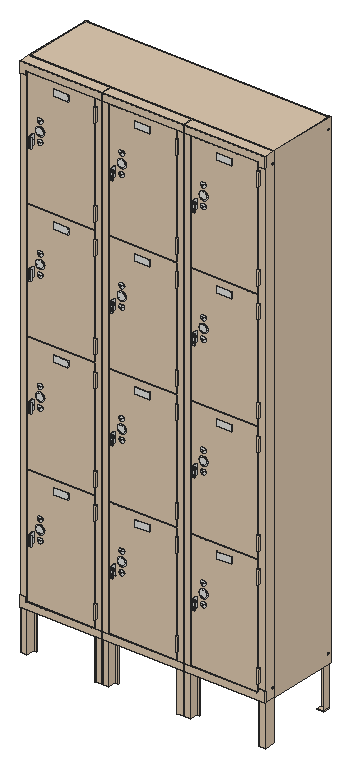
Revit family "Metal_Vented_Lockers-Salsbury_Industries-74000_Series-3_Wide_Units", category Specialty Equipment, Revit 2016 (continued)
Definition of nested family "Vents"
  Lines and regions (in)
    model lines
      curve 40: spline (-0.12232, 0, 57.24111) -> (-0.1046, 0, 57.2704) -> (-0.08525, 0, 57.29498) -> (-0.06455, 0, 57.31444) -> (-0.04284, 0, 57.3285) -> (-0.02044, 0, 57.33694) -> (0.00229, 0, 57.33963) -> (0.02501, 0, 57.33653) -> (0.04737, 0, 57.32768) -> (0.06902, 0, 57.31322) -> (0.08963, 0, 57.29338) -> (0.10888, 0, 57.26845) -> (0.12647, 0, 57.23883)
      curve 41: line (-0.12232, 0, 57.24111) -> (-0.3738, 0, 56.58938)
      curve 42: line (0.12647, 0, 57.23883) -> (0.37669, 0, 56.58865)
      curve 43: spline (-0.12218, 0, 54.20029) -> (-0.10447, 0, 54.17116) -> (-0.08514, 0, 54.14673) -> (-0.06447, 0, 54.12737) -> (-0.04279, 0, 54.11339) -> (-0.02043, 0, 54.10499) -> (0.00227, 0, 54.10232) -> (0.02496, 0, 54.1054) -> (0.04728, 0, 54.11419) -> (0.0689, 0, 54.12855) -> (0.08949, 0, 54.14827) -> (0.10872, 0, 54.17305) -> (0.1263, 0, 54.20249)
      curve 44: line (-0.12218, 0, 54.20029) -> (-0.3738, 0, 54.85238)
      curve 45: line (0.1263, 0, 54.20249) -> (0.37669, 0, 54.85165)
      curve 46: spline (-0.12232, 0, 55.50411) -> (-0.1046, 0, 55.5334) -> (-0.08525, 0, 55.55798) -> (-0.06455, 0, 55.57744) -> (-0.04284, 0, 55.5915) -> (-0.02044, 0, 55.59994) -> (0.00229, 0, 55.60263) -> (0.02501, 0, 55.59953) -> (0.04737, 0, 55.59068) -> (0.06902, 0, 55.57622) -> (0.08963, 0, 55.55638) -> (0.10888, 0, 55.53145) -> (0.12647, 0, 55.50183)
      curve 47: line (-0.12232, 0, 55.50411) -> (-0.3738, 0, 54.85238)
      curve 48: line (0.12647, 0, 55.50183) -> (0.37669, 0, 54.85165)
      curve 49: spline (-0.12218, 0, 52.46329) -> (-0.10447, 0, 52.43416) -> (-0.08514, 0, 52.40973) -> (-0.06447, 0, 52.39037) -> (-0.04279, 0, 52.37639) -> (-0.02043, 0, 52.36799) -> (0.00227, 0, 52.36532) -> (0.02496, 0, 52.3684) -> (0.04728, 0, 52.37719) -> (0.0689, 0, 52.39155) -> (0.08949, 0, 52.41127) -> (0.10872, 0, 52.43605) -> (0.1263, 0, 52.46549)
      curve 50: line (-0.12218, 0, 52.46329) -> (-0.3738, 0, 53.11538)
      curve 51: line (0.1263, 0, 52.46549) -> (0.37669, 0, 53.11465)
      curve 52: spline (-0.12232, 0, 53.76711) -> (-0.1046, 0, 53.7964) -> (-0.08525, 0, 53.82098) -> (-0.06455, 0, 53.84044) -> (-0.04284, 0, 53.8545) -> (-0.02044, 0, 53.86294) -> (0.00229, 0, 53.86563) -> (0.02501, 0, 53.86253) -> (0.04737, 0, 53.85368) -> (0.06902, 0, 53.83922) -> (0.08963, 0, 53.81938) -> (0.10888, 0, 53.79445) -> (0.12647, 0, 53.76483)
      curve 53: line (-0.12232, 0, 53.76711) -> (-0.3738, 0, 53.11538)
      curve 54: line (0.12647, 0, 53.76483) -> (0.37669, 0, 53.11465)
      curve 55: spline (-0.12218, 0, 50.72629) -> (-0.10447, 0, 50.69716) -> (-0.08514, 0, 50.67273) -> (-0.06447, 0, 50.65337) -> (-0.04279, 0, 50.63939) -> (-0.02043, 0, 50.63099) -> (0.00227, 0, 50.62832) -> (0.02496, 0, 50.6314) -> (0.04728, 0, 50.64019) -> (0.0689, 0, 50.65455) -> (0.08949, 0, 50.67427) -> (0.10872, 0, 50.69905) -> (0.1263, 0, 50.72849)
      curve 56: line (-0.12218, 0, 50.72629) -> (-0.3738, 0, 51.37838)
      curve 57: line (0.1263, 0, 50.72849) -> (0.37669, 0, 51.37765)
      curve 58: spline (-0.12232, 0, 52.03011) -> (-0.1046, 0, 52.0594) -> (-0.08525, 0, 52.08398) -> (-0.06455, 0, 52.10344) -> (-0.04284, 0, 52.1175) -> (-0.02044, 0, 52.12594) -> (0.00229, 0, 52.12863) -> (0.02501, 0, 52.12553) -> (0.04737, 0, 52.11668) -> (0.06902, 0, 52.10222) -> (0.08963, 0, 52.08238) -> (0.10888, 0, 52.05745) -> (0.12647, 0, 52.02783)
      curve 59: line (-0.12232, 0, 52.03011) -> (-0.3738, 0, 51.37838)
      curve 60: line (0.12647, 0, 52.02783) -> (0.37669, 0, 51.37765)
      curve 61: spline (-0.12218, 0, 48.98929) -> (-0.10447, 0, 48.96016) -> (-0.08514, 0, 48.93573) -> (-0.06447, 0, 48.91637) -> (-0.04279, 0, 48.90239) -> (-0.02043, 0, 48.89399) -> (0.00227, 0, 48.89132) -> (0.02496, 0, 48.8944) -> (0.04728, 0, 48.90319) -> (0.0689, 0, 48.91755) -> (0.08949, 0, 48.93727) -> (0.10872, 0, 48.96205) -> (0.1263, 0, 48.99149)
      curve 62: line (-0.12218, 0, 48.98929) -> (-0.3738, 0, 49.64138)
      curve 63: line (0.1263, 0, 48.99149) -> (0.37669, 0, 49.64065)
      curve 64: spline (-0.12232, 0, 50.29311) -> (-0.1046, 0, 50.3224) -> (-0.08525, 0, 50.34698) -> (-0.06455, 0, 50.36644) -> (-0.04284, 0, 50.3805) -> (-0.02044, 0, 50.38894) -> (0.00229, 0, 50.39163) -> (0.02501, 0, 50.38853) -> (0.04737, 0, 50.37968) -> (0.06902, 0, 50.36522) -> (0.08963, 0, 50.34538) -> (0.10888, 0, 50.32045) -> (0.12647, 0, 50.29083)
      curve 65: line (-0.12232, 0, 50.29311) -> (-0.3738, 0, 49.64138)
      curve 66: line (0.12647, 0, 50.29083) -> (0.37669, 0, 49.64065)
      curve 67: spline (-0.12218, 0, 47.25229) -> (-0.10447, 0, 47.22316) -> (-0.08514, 0, 47.19873) -> (-0.06447, 0, 47.17937) -> (-0.04279, 0, 47.16539) -> (-0.02043, 0, 47.15699) -> (0.00227, 0, 47.15432) -> (0.02496, 0, 47.1574) -> (0.04728, 0, 47.16619) -> (0.0689, 0, 47.18055) -> (0.08949, 0, 47.20027) -> (0.10872, 0, 47.22505) -> (0.1263, 0, 47.25449)
      curve 68: line (-0.12218, 0, 47.25229) -> (-0.3738, 0, 47.90438)
      curve 69: line (0.1263, 0, 47.25449) -> (0.37669, 0, 47.90365)
      curve 70: spline (-0.12232, 0, 48.55611) -> (-0.1046, 0, 48.5854) -> (-0.08525, 0, 48.60998) -> (-0.06455, 0, 48.62944) -> (-0.04284, 0, 48.6435) -> (-0.02044, 0, 48.65194) -> (0.00229, 0, 48.65463) -> (0.02501, 0, 48.65153) -> (0.04737, 0, 48.64268) -> (0.06902, 0, 48.62822) -> (0.08963, 0, 48.60838) -> (0.10888, 0, 48.58345) -> (0.12647, 0, 48.55383)
      curve 71: line (-0.12232, 0, 48.55611) -> (-0.3738, 0, 47.90438)
      curve 72: line (0.12647, 0, 48.55383) -> (0.37669, 0, 47.90365)
      curve 73: spline (-0.12218, 0, 45.51529) -> (-0.10447, 0, 45.48616) -> (-0.08514, 0, 45.46173) -> (-0.06447, 0, 45.44237) -> (-0.04279, 0, 45.42839) -> (-0.02043, 0, 45.41999) -> (0.00227, 0, 45.41732) -> (0.02496, 0, 45.4204) -> (0.04728, 0, 45.42919) -> (0.0689, 0, 45.44355) -> (0.08949, 0, 45.46327) -> (0.10872, 0, 45.48805) -> (0.1263, 0, 45.51749)
      curve 74: line (-0.12218, 0, 45.51529) -> (-0.3738, 0, 46.16738)
      curve 75: line (0.1263, 0, 45.51749) -> (0.37669, 0, 46.16665)
      curve 76: spline (-0.12232, 0, 46.81911) -> (-0.1046, 0, 46.8484) -> (-0.08525, 0, 46.87298) -> (-0.06455, 0, 46.89244) -> (-0.04284, 0, 46.9065) -> (-0.02044, 0, 46.91494) -> (0.00229, 0, 46.91763) -> (0.02501, 0, 46.91453) -> (0.04737, 0, 46.90568) -> (0.06902, 0, 46.89122) -> (0.08963, 0, 46.87138) -> (0.10888, 0, 46.84645) -> (0.12647, 0, 46.81683)
      curve 77: line (-0.12232, 0, 46.81911) -> (-0.3738, 0, 46.16738)
      curve 78: line (0.12647, 0, 46.81683) -> (0.37669, 0, 46.16665)
      curve 79: spline (-0.12218, 0, 43.77829) -> (-0.10447, 0, 43.74916) -> (-0.08514, 0, 43.72473) -> (-0.06447, 0, 43.70537) -> (-0.04279, 0, 43.69139) -> (-0.02043, 0, 43.68299) -> (0.00227, 0, 43.68032) -> (0.02496, 0, 43.6834) -> (0.04728, 0, 43.69219) -> (0.0689, 0, 43.70655) -> (0.08949, 0, 43.72627) -> (0.10872, 0, 43.75105) -> (0.1263, 0, 43.78049)
      curve 80: line (-0.12218, 0, 43.77829) -> (-0.3738, 0, 44.43038)
      curve 81: line (0.1263, 0, 43.78049) -> (0.37669, 0, 44.42965)
      curve 82: spline (-0.12232, 0, 45.08211) -> (-0.1046, 0, 45.1114) -> (-0.08525, 0, 45.13598) -> (-0.06455, 0, 45.15544) -> (-0.04284, 0, 45.1695) -> (-0.02044, 0, 45.17794) -> (0.00229, 0, 45.18063) -> (0.02501, 0, 45.17753) -> (0.04737, 0, 45.16868) -> (0.06902, 0, 45.15422) -> (0.08963, 0, 45.13438) -> (0.10888, 0, 45.10945) -> (0.12647, 0, 45.07983)
      curve 83: line (-0.12232, 0, 45.08211) -> (-0.3738, 0, 44.43038)
      curve 84: line (0.12647, 0, 45.07983) -> (0.37669, 0, 44.42965)
      curve 85: spline (-0.12218, 0, 42.04129) -> (-0.10447, 0, 42.01216) -> (-0.08514, 0, 41.98773) -> (-0.06447, 0, 41.96837) -> (-0.04279, 0, 41.95439) -> (-0.02043, 0, 41.94599) -> (0.00227, 0, 41.94332) -> (0.02496, 0, 41.9464) -> (0.04728, 0, 41.95519) -> (0.0689, 0, 41.96955) -> (0.08949, 0, 41.98927) -> (0.10872, 0, 42.01405) -> (0.1263, 0, 42.04349)
      curve 86: line (-0.12218, 0, 42.04129) -> (-0.3738, 0, 42.69338)
      curve 87: line (0.1263, 0, 42.04349) -> (0.37669, 0, 42.69265)
      curve 88: spline (-0.12232, 0, 43.34511) -> (-0.1046, 0, 43.3744) -> (-0.08525, 0, 43.39898) -> (-0.06455, 0, 43.41844) -> (-0.04284, 0, 43.4325) -> (-0.02044, 0, 43.44094) -> (0.00229, 0, 43.44363) -> (0.02501, 0, 43.44053) -> (0.04737, 0, 43.43168) -> (0.06902, 0, 43.41722) -> (0.08963, 0, 43.39738) -> (0.10888, 0, 43.37245) -> (0.12647, 0, 43.34283)
      curve 89: line (-0.12232, 0, 43.34511) -> (-0.3738, 0, 42.69338)
      curve 90: line (0.12647, 0, 43.34283) -> (0.37669, 0, 42.69265)
      curve 91: spline (-0.12218, 0, 40.30429) -> (-0.10447, 0, 40.27516) -> (-0.08514, 0, 40.25073) -> (-0.06447, 0, 40.23137) -> (-0.04279, 0, 40.21739) -> (-0.02043, 0, 40.20899) -> (0.00227, 0, 40.20632) -> (0.02496, 0, 40.2094) -> (0.04728, 0, 40.21819) -> (0.0689, 0, 40.23255) -> (0.08949, 0, 40.25227) -> (0.10872, 0, 40.27705) -> (0.1263, 0, 40.30649)
      curve 92: line (-0.12218, 0, 40.30429) -> (-0.3738, 0, 40.95638)
      curve 93: line (0.1263, 0, 40.30649) -> (0.37669, 0, 40.95565)
      curve 94: spline (-0.12232, 0, 41.60811) -> (-0.1046, 0, 41.6374) -> (-0.08525, 0, 41.66198) -> (-0.06455, 0, 41.68144) -> (-0.04284, 0, 41.6955) -> (-0.02044, 0, 41.70394) -> (0.00229, 0, 41.70663) -> (0.02501, 0, 41.70353) -> (0.04737, 0, 41.69468) -> (0.06902, 0, 41.68022) -> (0.08963, 0, 41.66038) -> (0.10888, 0, 41.63545) -> (0.12647, 0, 41.60583)
      curve 95: line (-0.12232, 0, 41.60811) -> (-0.3738, 0, 40.95638)
      curve 96: line (0.12647, 0, 41.60583) -> (0.37669, 0, 40.95565)
      curve 97: spline (-0.12218, 0, 38.56729) -> (-0.10447, 0, 38.53816) -> (-0.08514, 0, 38.51373) -> (-0.06447, 0, 38.49437) -> (-0.04279, 0, 38.48039) -> (-0.02043, 0, 38.47199) -> (0.00227, 0, 38.46932) -> (0.02496, 0, 38.4724) -> (0.04728, 0, 38.48119) -> (0.0689, 0, 38.49555) -> (0.08949, 0, 38.51527) -> (0.10872, 0, 38.54005) -> (0.1263, 0, 38.56949)
      curve 98: line (-0.12218, 0, 38.56729) -> (-0.3738, 0, 39.21938)
      curve 99: line (0.1263, 0, 38.56949) -> (0.37669, 0, 39.21865)
      curve 100: spline (-0.12232, 0, 39.87111) -> (-0.1046, 0, 39.9004) -> (-0.08525, 0, 39.92498) -> (-0.06455, 0, 39.94444) -> (-0.04284, 0, 39.9585) -> (-0.02044, 0, 39.96694) -> (0.00229, 0, 39.96963) -> (0.02501, 0, 39.96653) -> (0.04737, 0, 39.95768) -> (0.06902, 0, 39.94322) -> (0.08963, 0, 39.92338) -> (0.10888, 0, 39.89845) -> (0.12647, 0, 39.86883)
      curve 101: line (-0.12232, 0, 39.87111) -> (-0.3738, 0, 39.21938)
      curve 102: line (0.12647, 0, 39.86883) -> (0.37669, 0, 39.21865)
      curve 103: spline (-0.12218, 0, 36.83029) -> (-0.10447, 0, 36.80116) -> (-0.08514, 0, 36.77673) -> (-0.06447, 0, 36.75737) -> (-0.04279, 0, 36.74339) -> (-0.02043, 0, 36.73499) -> (0.00227, 0, 36.73232) -> (0.02496, 0, 36.7354) -> (0.04728, 0, 36.74419) -> (0.0689, 0, 36.75855) -> (0.08949, 0, 36.77827) -> (0.10872, 0, 36.80305) -> (0.1263, 0, 36.83249)
      curve 104: line (-0.12218, 0, 36.83029) -> (-0.3738, 0, 37.48238)
      curve 105: line (0.1263, 0, 36.83249) -> (0.37669, 0, 37.48165)
      curve 106: spline (-0.12232, 0, 38.13411) -> (-0.1046, 0, 38.1634) -> (-0.08525, 0, 38.18798) -> (-0.06455, 0, 38.20744) -> (-0.04284, 0, 38.2215) -> (-0.02044, 0, 38.22994) -> (0.00229, 0, 38.23263) -> (0.02501, 0, 38.22953) -> (0.04737, 0, 38.22068) -> (0.06902, 0, 38.20622) -> (0.08963, 0, 38.18638) -> (0.10888, 0, 38.16145) -> (0.12647, 0, 38.13183)
      curve 107: line (-0.12232, 0, 38.13411) -> (-0.3738, 0, 37.48238)
      curve 108: line (0.12647, 0, 38.13183) -> (0.37669, 0, 37.48165)
      curve 109: spline (-0.12218, 0, 35.09329) -> (-0.10447, 0, 35.06416) -> (-0.08514, 0, 35.03973) -> (-0.06447, 0, 35.02037) -> (-0.04279, 0, 35.00639) -> (-0.02043, 0, 34.99799) -> (0.00227, 0, 34.99532) -> (0.02496, 0, 34.9984) -> (0.04728, 0, 35.00719) -> (0.0689, 0, 35.02155) -> (0.08949, 0, 35.04127) -> (0.10872, 0, 35.06605) -> (0.1263, 0, 35.09549)
      curve 110: line (-0.12218, 0, 35.09329) -> (-0.3738, 0, 35.74538)
      curve 111: line (0.1263, 0, 35.09549) -> (0.37669, 0, 35.74465)
      curve 112: spline (-0.12232, 0, 36.39711) -> (-0.1046, 0, 36.4264) -> (-0.08525, 0, 36.45098) -> (-0.06455, 0, 36.47044) -> (-0.04284, 0, 36.4845) -> (-0.02044, 0, 36.49294) -> (0.00229, 0, 36.49563) -> (0.02501, 0, 36.49253) -> (0.04737, 0, 36.48368) -> (0.06902, 0, 36.46922) -> (0.08963, 0, 36.44938) -> (0.10888, 0, 36.42445) -> (0.12647, 0, 36.39483)
      curve 113: line (-0.12232, 0, 36.39711) -> (-0.3738, 0, 35.74538)
      curve 114: line (0.12647, 0, 36.39483) -> (0.37669, 0, 35.74465)
      curve 115: spline (-0.12218, 0, 33.35629) -> (-0.10447, 0, 33.32716) -> (-0.08514, 0, 33.30273) -> (-0.06447, 0, 33.28337) -> (-0.04279, 0, 33.26939) -> (-0.02043, 0, 33.26099) -> (0.00227, 0, 33.25832) -> (0.02496, 0, 33.2614) -> (0.04728, 0, 33.27019) -> (0.0689, 0, 33.28455) -> (0.08949, 0, 33.30427) -> (0.10872, 0, 33.32905) -> (0.1263, 0, 33.35849)
      curve 116: line (-0.12218, 0, 33.35629) -> (-0.3738, 0, 34.00838)
      curve 117: line (0.1263, 0, 33.35849) -> (0.37669, 0, 34.00765)
      curve 118: spline (-0.12232, 0, 34.66011) -> (-0.1046, 0, 34.6894) -> (-0.08525, 0, 34.71398) -> (-0.06455, 0, 34.73344) -> (-0.04284, 0, 34.7475) -> (-0.02044, 0, 34.75594) -> (0.00229, 0, 34.75863) -> (0.02501, 0, 34.75553) -> (0.04737, 0, 34.74668) -> (0.06902, 0, 34.73222) -> (0.08963, 0, 34.71238) -> (0.10888, 0, 34.68745) -> (0.12647, 0, 34.65783)
      curve 119: line (-0.12232, 0, 34.66011) -> (-0.3738, 0, 34.00838)
      curve 120: line (0.12647, 0, 34.65783) -> (0.37669, 0, 34.00765)
      curve 121: spline (-0.12218, 0, 31.61929) -> (-0.10447, 0, 31.59016) -> (-0.08514, 0, 31.56573) -> (-0.06447, 0, 31.54637) -> (-0.04279, 0, 31.53239) -> (-0.02043, 0, 31.52399) -> (0.00227, 0, 31.52132) -> (0.02496, 0, 31.5244) -> (0.04728, 0, 31.53319) -> (0.0689, 0, 31.54755) -> (0.08949, 0, 31.56727) -> (0.10872, 0, 31.59205) -> (0.1263, 0, 31.62149)
      curve 122: line (-0.12218, 0, 31.61929) -> (-0.3738, 0, 32.27138)
      curve 123: line (0.1263, 0, 31.62149) -> (0.37669, 0, 32.27065)
      curve 124: spline (-0.12232, 0, 32.92311) -> (-0.1046, 0, 32.9524) -> (-0.08525, 0, 32.97698) -> (-0.06455, 0, 32.99644) -> (-0.04284, 0, 33.0105) -> (-0.02044, 0, 33.01894) -> (0.00229, 0, 33.02163) -> (0.02501, 0, 33.01853) -> (0.04737, 0, 33.00968) -> (0.06902, 0, 32.99522) -> (0.08963, 0, 32.97538) -> (0.10888, 0, 32.95045) -> (0.12647, 0, 32.92083)
      curve 125: line (-0.12232, 0, 32.92311) -> (-0.3738, 0, 32.27138)
      curve 126: line (0.12647, 0, 32.92083) -> (0.37669, 0, 32.27065)
      curve 127: spline (-0.12218, 0, 29.88229) -> (-0.10447, 0, 29.85316) -> (-0.08514, 0, 29.82873) -> (-0.06447, 0, 29.80937) -> (-0.04279, 0, 29.79539) -> (-0.02043, 0, 29.78699) -> (0.00227, 0, 29.78432) -> (0.02496, 0, 29.7874) -> (0.04728, 0, 29.79619) -> (0.0689, 0, 29.81055) -> (0.08949, 0, 29.83027) -> (0.10872, 0, 29.85505) -> (0.1263, 0, 29.88449)
      curve 128: line (-0.12218, 0, 29.88229) -> (-0.3738, 0, 30.53438)
      curve 129: line (0.1263, 0, 29.88449) -> (0.37669, 0, 30.53365)
      curve 130: spline (-0.12232, 0, 31.18611) -> (-0.1046, 0, 31.2154) -> (-0.08525, 0, 31.23998) -> (-0.06455, 0, 31.25944) -> (-0.04284, 0, 31.2735) -> (-0.02044, 0, 31.28194) -> (0.00229, 0, 31.28463) -> (0.02501, 0, 31.28153) -> (0.04737, 0, 31.27268) -> (0.06902, 0, 31.25822) -> (0.08963, 0, 31.23838) -> (0.10888, 0, 31.21345) -> (0.12647, 0, 31.18383)
      curve 131: line (-0.12232, 0, 31.18611) -> (-0.3738, 0, 30.53438)
      curve 132: line (0.12647, 0, 31.18383) -> (0.37669, 0, 30.53365)
      curve 133: spline (-0.12218, 0, 28.14529) -> (-0.10447, 0, 28.11616) -> (-0.08514, 0, 28.09173) -> (-0.06447, 0, 28.07237) -> (-0.04279, 0, 28.05839) -> (-0.02043, 0, 28.04999) -> (0.00227, 0, 28.04732) -> (0.02496, 0, 28.0504) -> (0.04728, 0, 28.05919) -> (0.0689, 0, 28.07355) -> (0.08949, 0, 28.09327) -> (0.10872, 0, 28.11805) -> (0.1263, 0, 28.14749)
      curve 134: line (-0.12218, 0, 28.14529) -> (-0.3738, 0, 28.79738)
      curve 135: line (0.1263, 0, 28.14749) -> (0.37669, 0, 28.79665)
      curve 136: spline (-0.12232, 0, 29.44911) -> (-0.1046, 0, 29.4784) -> (-0.08525, 0, 29.50298) -> (-0.06455, 0, 29.52244) -> (-0.04284, 0, 29.5365) -> (-0.02044, 0, 29.54494) -> (0.00229, 0, 29.54763) -> (0.02501, 0, 29.54453) -> (0.04737, 0, 29.53568) -> (0.06902, 0, 29.52122) -> (0.08963, 0, 29.50138) -> (0.10888, 0, 29.47645) -> (0.12647, 0, 29.44683)
      curve 137: line (-0.12232, 0, 29.44911) -> (-0.3738, 0, 28.79738)
      curve 138: line (0.12647, 0, 29.44683) -> (0.37669, 0, 28.79665)
      curve 139: spline (-0.12218, 0, 26.40829) -> (-0.10447, 0, 26.37916) -> (-0.08514, 0, 26.35473) -> (-0.06447, 0, 26.33537) -> (-0.04279, 0, 26.32139) -> (-0.02043, 0, 26.31299) -> (0.00227, 0, 26.31032) -> (0.02496, 0, 26.3134) -> (0.04728, 0, 26.32219) -> (0.0689, 0, 26.33655) -> (0.08949, 0, 26.35627) -> (0.10872, 0, 26.38105) -> (0.1263, 0, 26.41049)
      curve 140: line (-0.12218, 0, 26.40829) -> (-0.3738, 0, 27.06038)
      curve 141: line (0.1263, 0, 26.41049) -> (0.37669, 0, 27.05965)
      curve 142: spline (-0.12232, 0, 27.71211) -> (-0.1046, 0, 27.7414) -> (-0.08525, 0, 27.76598) -> (-0.06455, 0, 27.78544) -> (-0.04284, 0, 27.7995) -> (-0.02044, 0, 27.80794) -> (0.00229, 0, 27.81063) -> (0.02501, 0, 27.80753) -> (0.04737, 0, 27.79868) -> (0.06902, 0, 27.78422) -> (0.08963, 0, 27.76438) -> (0.10888, 0, 27.73945) -> (0.12647, 0, 27.70983)
      curve 143: line (-0.12232, 0, 27.71211) -> (-0.3738, 0, 27.06038)
      curve 144: line (0.12647, 0, 27.70983) -> (0.37669, 0, 27.05965)
      curve 145: spline (-0.12218, 0, 24.67129) -> (-0.10447, 0, 24.64216) -> (-0.08514, 0, 24.61773) -> (-0.06447, 0, 24.59837) -> (-0.04279, 0, 24.58439) -> (-0.02043, 0, 24.57599) -> (0.00227, 0, 24.57332) -> (0.02496, 0, 24.5764) -> (0.04728, 0, 24.58519) -> (0.0689, 0, 24.59955) -> (0.08949, 0, 24.61927) -> (0.10872, 0, 24.64405) -> (0.1263, 0, 24.67349)
      curve 146: line (-0.12218, 0, 24.67129) -> (-0.3738, 0, 25.32338)
      curve 147: line (0.1263, 0, 24.67349) -> (0.37669, 0, 25.32265)
      curve 148: spline (-0.12232, 0, 25.97511) -> (-0.1046, 0, 26.0044) -> (-0.08525, 0, 26.02898) -> (-0.06455, 0, 26.04844) -> (-0.04284, 0, 26.0625) -> (-0.02044, 0, 26.07094) -> (0.00229, 0, 26.07363) -> (0.02501, 0, 26.07053) -> (0.04737, 0, 26.06168) -> (0.06902, 0, 26.04722) -> (0.08963, 0, 26.02738) -> (0.10888, 0, 26.00245) -> (0.12647, 0, 25.97283)
      curve 149: line (-0.12232, 0, 25.97511) -> (-0.3738, 0, 25.32338)
      curve 150: line (0.12647, 0, 25.97283) -> (0.37669, 0, 25.32265)
      curve 151: spline (-0.12218, 0, 22.93429) -> (-0.10447, 0, 22.90516) -> (-0.08514, 0, 22.88073) -> (-0.06447, 0, 22.86137) -> (-0.04279, 0, 22.84739) -> (-0.02043, 0, 22.83899) -> (0.00227, 0, 22.83632) -> (0.02496, 0, 22.8394) -> (0.04728, 0, 22.84819) -> (0.0689, 0, 22.86255) -> (0.08949, 0, 22.88227) -> (0.10872, 0, 22.90705) -> (0.1263, 0, 22.93649)
      curve 152: line (-0.12218, 0, 22.93429) -> (-0.3738, 0, 23.58638)
      curve 153: line (0.1263, 0, 22.93649) -> (0.37669, 0, 23.58565)
      curve 154: spline (-0.12232, 0, 24.23811) -> (-0.1046, 0, 24.2674) -> (-0.08525, 0, 24.29198) -> (-0.06455, 0, 24.31144) -> (-0.04284, 0, 24.3255) -> (-0.02044, 0, 24.33394) -> (0.00229, 0, 24.33663) -> (0.02501, 0, 24.33353) -> (0.04737, 0, 24.32468) -> (0.06902, 0, 24.31022) -> (0.08963, 0, 24.29038) -> (0.10888, 0, 24.26545) -> (0.12647, 0, 24.23583)
      curve 155: line (-0.12232, 0, 24.23811) -> (-0.3738, 0, 23.58638)
      curve 156: line (0.12647, 0, 24.23583) -> (0.37669, 0, 23.58565)
      curve 157: spline (-0.12218, 0, 21.19729) -> (-0.10447, 0, 21.16816) -> (-0.08514, 0, 21.14373) -> (-0.06447, 0, 21.12437) -> (-0.04279, 0, 21.11039) -> (-0.02043, 0, 21.10199) -> (0.00227, 0, 21.09932) -> (0.02496, 0, 21.1024) -> (0.04728, 0, 21.11119) -> (0.0689, 0, 21.12555) -> (0.08949, 0, 21.14527) -> (0.10872, 0, 21.17005) -> (0.1263, 0, 21.19949)
      curve 158: line (-0.12218, 0, 21.19729) -> (-0.3738, 0, 21.84938)
      curve 159: line (0.1263, 0, 21.19949) -> (0.37669, 0, 21.84865)
      curve 160: spline (-0.12232, 0, 22.50111) -> (-0.1046, 0, 22.5304) -> (-0.08525, 0, 22.55498) -> (-0.06455, 0, 22.57444) -> (-0.04284, 0, 22.5885) -> (-0.02044, 0, 22.59694) -> (0.00229, 0, 22.59963) -> (0.02501, 0, 22.59653) -> (0.04737, 0, 22.58768) -> (0.06902, 0, 22.57322) -> (0.08963, 0, 22.55338) -> (0.10888, 0, 22.52845) -> (0.12647, 0, 22.49883)
      curve 161: line (-0.12232, 0, 22.50111) -> (-0.3738, 0, 21.84938)
      curve 162: line (0.12647, 0, 22.49883) -> (0.37669, 0, 21.84865)
      curve 163: spline (-0.12218, 0, 19.46029) -> (-0.10447, 0, 19.43116) -> (-0.08514, 0, 19.40673) -> (-0.06447, 0, 19.38737) -> (-0.04279, 0, 19.37339) -> (-0.02043, 0, 19.36499) -> (0.00227, 0, 19.36232) -> (0.02496, 0, 19.3654) -> (0.04728, 0, 19.37419) -> (0.0689, 0, 19.38855) -> (0.08949, 0, 19.40827) -> (0.10872, 0, 19.43305) -> (0.1263, 0, 19.46249)
      curve 164: line (-0.12218, 0, 19.46029) -> (-0.3738, 0, 20.11238)
      curve 165: line (0.1263, 0, 19.46249) -> (0.37669, 0, 20.11165)
      curve 166: spline (-0.12232, 0, 20.76411) -> (-0.1046, 0, 20.7934) -> (-0.08525, 0, 20.81798) -> (-0.06455, 0, 20.83744) -> (-0.04284, 0, 20.8515) -> (-0.02044, 0, 20.85994) -> (0.00229, 0, 20.86263) -> (0.02501, 0, 20.85953) -> (0.04737, 0, 20.85068) -> (0.06902, 0, 20.83622) -> (0.08963, 0, 20.81638) -> (0.10888, 0, 20.79145) -> (0.12647, 0, 20.76183)
      curve 167: line (-0.12232, 0, 20.76411) -> (-0.3738, 0, 20.11238)
      curve 168: line (0.12647, 0, 20.76183) -> (0.37669, 0, 20.11165)
      curve 197: spline (-0.12218, 0, 17.72329) -> (-0.10447, 0, 17.69416) -> (-0.08514, 0, 17.66973) -> (-0.06447, 0, 17.65037) -> (-0.04279, 0, 17.63639) -> (-0.02043, 0, 17.62799) -> (0.00227, 0, 17.62532) -> (0.02496, 0, 17.6284) -> (0.04728, 0, 17.63719) -> (0.0689, 0, 17.65155) -> (0.08949, 0, 17.67127) -> (0.10872, 0, 17.69605) -> (0.1263, 0, 17.72549)
      curve 198: line (-0.12218, 0, 17.72329) -> (-0.3738, 0, 18.37538)
      curve 199: line (0.1263, 0, 17.72549) -> (0.37669, 0, 18.37465)
      curve 200: spline (-0.12232, 0, 19.02711) -> (-0.1046, 0, 19.0564) -> (-0.08525, 0, 19.08098) -> (-0.06455, 0, 19.10044) -> (-0.04284, 0, 19.1145) -> (-0.02044, 0, 19.12294) -> (0.00229, 0, 19.12563) -> (0.02501, 0, 19.12253) -> (0.04737, 0, 19.11368) -> (0.06902, 0, 19.09922) -> (0.08963, 0, 19.07938) -> (0.10888, 0, 19.05445) -> (0.12647, 0, 19.02483)
      curve 201: line (-0.12232, 0, 19.02711) -> (-0.3738, 0, 18.37538)
      curve 202: line (0.12647, 0, 19.02483) -> (0.37669, 0, 18.37465)
      curve 204: spline (-0.12218, 0, 15.98629) -> (-0.10447, 0, 15.95716) -> (-0.08514, 0, 15.93273) -> (-0.06447, 0, 15.91337) -> (-0.04279, 0, 15.89939) -> (-0.02043, 0, 15.89099) -> (0.00227, 0, 15.88832) -> (0.02496, 0, 15.8914) -> (0.04728, 0, 15.90019) -> (0.0689, 0, 15.91455) -> (0.08949, 0, 15.93427) -> (0.10872, 0, 15.95905) -> (0.1263, 0, 15.98849)
      curve 205: line (-0.12218, 0, 15.98629) -> (-0.3738, 0, 16.63838)
      curve 206: line (0.1263, 0, 15.98849) -> (0.37669, 0, 16.63765)
      curve 207: spline (-0.12232, 0, 17.29011) -> (-0.1046, 0, 17.3194) -> (-0.08525, 0, 17.34398) -> (-0.06455, 0, 17.36344) -> (-0.04284, 0, 17.3775) -> (-0.02044, 0, 17.38594) -> (0.00229, 0, 17.38863) -> (0.02501, 0, 17.38553) -> (0.04737, 0, 17.37668) -> (0.06902, 0, 17.36222) -> (0.08963, 0, 17.34238) -> (0.10888, 0, 17.31745) -> (0.12647, 0, 17.28783)
      curve 208: line (-0.12232, 0, 17.29011) -> (-0.3738, 0, 16.63838)
      curve 209: line (0.12647, 0, 17.28783) -> (0.37669, 0, 16.63765)
      curve 211: spline (-0.12218, 0, 14.24929) -> (-0.10447, 0, 14.22016) -> (-0.08514, 0, 14.19573) -> (-0.06447, 0, 14.17637) -> (-0.04279, 0, 14.16239) -> (-0.02043, 0, 14.15399) -> (0.00227, 0, 14.15132) -> (0.02496, 0, 14.1544) -> (0.04728, 0, 14.16319) -> (0.0689, 0, 14.17755) -> (0.08949, 0, 14.19727) -> (0.10872, 0, 14.22205) -> (0.1263, 0, 14.25149)
      curve 212: line (-0.12218, 0, 14.24929) -> (-0.3738, 0, 14.90138)
      curve 213: line (0.1263, 0, 14.25149) -> (0.37669, 0, 14.90065)
      curve 214: spline (-0.12232, 0, 15.55311) -> (-0.1046, 0, 15.5824) -> (-0.08525, 0, 15.60698) -> (-0.06455, 0, 15.62644) -> (-0.04284, 0, 15.6405) -> (-0.02044, 0, 15.64894) -> (0.00229, 0, 15.65163) -> (0.02501, 0, 15.64853) -> (0.04737, 0, 15.63968) -> (0.06902, 0, 15.62522) -> (0.08963, 0, 15.60538) -> (0.10888, 0, 15.58045) -> (0.12647, 0, 15.55083)
      curve 215: line (-0.12232, 0, 15.55311) -> (-0.3738, 0, 14.90138)
      curve 216: line (0.12647, 0, 15.55083) -> (0.37669, 0, 14.90065)
      curve 218: spline (-0.12218, 0, 12.51229) -> (-0.10447, 0, 12.48316) -> (-0.08514, 0, 12.45873) -> (-0.06447, 0, 12.43937) -> (-0.04279, 0, 12.42539) -> (-0.02043, 0, 12.41699) -> (0.00227, 0, 12.41432) -> (0.02496, 0, 12.4174) -> (0.04728, 0, 12.42619) -> (0.0689, 0, 12.44055) -> (0.08949, 0, 12.46027) -> (0.10872, 0, 12.48505) -> (0.1263, 0, 12.51449)
      curve 219: line (-0.12218, 0, 12.51229) -> (-0.3738, 0, 13.16438)
      curve 220: line (0.1263, 0, 12.51449) -> (0.37669, 0, 13.16365)
      curve 221: spline (-0.12232, 0, 13.81611) -> (-0.1046, 0, 13.8454) -> (-0.08525, 0, 13.86998) -> (-0.06455, 0, 13.88944) -> (-0.04284, 0, 13.9035) -> (-0.02044, 0, 13.91194) -> (0.00229, 0, 13.91463) -> (0.02501, 0, 13.91153) -> (0.04737, 0, 13.90268) -> (0.06902, 0, 13.88822) -> (0.08963, 0, 13.86838) -> (0.10888, 0, 13.84345) -> (0.12647, 0, 13.81383)
      curve 222: line (-0.12232, 0, 13.81611) -> (-0.3738, 0, 13.16438)
      curve 223: line (0.12647, 0, 13.81383) -> (0.37669, 0, 13.16365)
      curve 225: spline (-0.12218, 0, 10.77529) -> (-0.10447, 0, 10.74616) -> (-0.08514, 0, 10.72173) -> (-0.06447, 0, 10.70237) -> (-0.04279, 0, 10.68839) -> (-0.02043, 0, 10.67999) -> (0.00227, 0, 10.67732) -> (0.02496, 0, 10.6804) -> (0.04728, 0, 10.68919) -> (0.0689, 0, 10.70355) -> (0.08949, 0, 10.72327) -> (0.10872, 0, 10.74805) -> (0.1263, 0, 10.77749)
      curve 226: line (-0.12218, 0, 10.77529) -> (-0.3738, 0, 11.42738)
      curve 227: line (0.1263, 0, 10.77749) -> (0.37669, 0, 11.42665)
      curve 228: spline (-0.12232, 0, 12.07911) -> (-0.1046, 0, 12.1084) -> (-0.08525, 0, 12.13298) -> (-0.06455, 0, 12.15244) -> (-0.04284, 0, 12.1665) -> (-0.02044, 0, 12.17494) -> (0.00229, 0, 12.17763) -> (0.02501, 0, 12.17453) -> (0.04737, 0, 12.16568) -> (0.06902, 0, 12.15122) -> (0.08963, 0, 12.13138) -> (0.10888, 0, 12.10645) -> (0.12647, 0, 12.07683)
      curve 229: line (-0.12232, 0, 12.07911) -> (-0.3738, 0, 11.42738)
      curve 230: line (0.12647, 0, 12.07683) -> (0.37669, 0, 11.42665)
      curve 232: spline (-0.12218, 0, 9.03829) -> (-0.10447, 0, 9.00916) -> (-0.08514, 0, 8.98473) -> (-0.06447, 0, 8.96537) -> (-0.04279, 0, 8.95139) -> (-0.02043, 0, 8.94299) -> (0.00227, 0, 8.94032) -> (0.02496, 0, 8.9434) -> (0.04728, 0, 8.95219) -> (0.0689, 0, 8.96655) -> (0.08949, 0, 8.98627) -> (0.10872, 0, 9.01105) -> (0.1263, 0, 9.04049)
      curve 233: line (-0.12218, 0, 9.03829) -> (-0.3738, 0, 9.69038)
      curve 234: line (0.1263, 0, 9.04049) -> (0.37669, 0, 9.68965)
      curve 235: spline (-0.12232, 0, 10.34211) -> (-0.1046, 0, 10.3714) -> (-0.08525, 0, 10.39598) -> (-0.06455, 0, 10.41544) -> (-0.04284, 0, 10.4295) -> (-0.02044, 0, 10.43794) -> (0.00229, 0, 10.44063) -> (0.02501, 0, 10.43753) -> (0.04737, 0, 10.42868) -> (0.06902, 0, 10.41422) -> (0.08963, 0, 10.39438) -> (0.10888, 0, 10.36945) -> (0.12647, 0, 10.33983)
      curve 236: line (-0.12232, 0, 10.34211) -> (-0.3738, 0, 9.69038)
      curve 237: line (0.12647, 0, 10.33983) -> (0.37669, 0, 9.68965)
      curve 239: spline (-0.12218, 0, 7.30129) -> (-0.10447, 0, 7.27216) -> (-0.08514, 0, 7.24773) -> (-0.06447, 0, 7.22837) -> (-0.04279, 0, 7.21439) -> (-0.02043, 0, 7.20599) -> (0.00227, 0, 7.20332) -> (0.02496, 0, 7.2064) -> (0.04728, 0, 7.21519) -> (0.0689, 0, 7.22955) -> (0.08949, 0, 7.24927) -> (0.10872, 0, 7.27405) -> (0.1263, 0, 7.30349)
      curve 240: line (-0.12218, 0, 7.30129) -> (-0.3738, 0, 7.95338)
      curve 241: line (0.1263, 0, 7.30349) -> (0.37669, 0, 7.95265)
      curve 242: spline (-0.12232, 0, 8.60511) -> (-0.1046, 0, 8.6344) -> (-0.08525, 0, 8.65898) -> (-0.06455, 0, 8.67844) -> (-0.04284, 0, 8.6925) -> (-0.02044, 0, 8.70094) -> (0.00229, 0, 8.70363) -> (0.02501, 0, 8.70053) -> (0.04737, 0, 8.69168) -> (0.06902, 0, 8.67722) -> (0.08963, 0, 8.65738) -> (0.10888, 0, 8.63245) -> (0.12647, 0, 8.60283)
      curve 243: line (-0.12232, 0, 8.60511) -> (-0.3738, 0, 7.95338)
      curve 244: line (0.12647, 0, 8.60283) -> (0.37669, 0, 7.95265)
      curve 246: spline (-0.12218, 0, 5.56429) -> (-0.10447, 0, 5.53516) -> (-0.08514, 0, 5.51073) -> (-0.06447, 0, 5.49137) -> (-0.04279, 0, 5.47739) -> (-0.02043, 0, 5.46899) -> (0.00227, 0, 5.46632) -> (0.02496, 0, 5.4694) -> (0.04728, 0, 5.47819) -> (0.0689, 0, 5.49255) -> (0.08949, 0, 5.51227) -> (0.10872, 0, 5.53705) -> (0.1263, 0, 5.56649)
      curve 247: line (-0.12218, 0, 5.56429) -> (-0.3738, 0, 6.21638)
      curve 248: line (0.1263, 0, 5.56649) -> (0.37669, 0, 6.21565)
      curve 249: spline (-0.12232, 0, 6.86811) -> (-0.1046, 0, 6.8974) -> (-0.08525, 0, 6.92198) -> (-0.06455, 0, 6.94144) -> (-0.04284, 0, 6.9555) -> (-0.02044, 0, 6.96394) -> (0.00229, 0, 6.96663) -> (0.02501, 0, 6.96353) -> (0.04737, 0, 6.95468) -> (0.06902, 0, 6.94022) -> (0.08963, 0, 6.92038) -> (0.10888, 0, 6.89545) -> (0.12647, 0, 6.86583)
      curve 250: line (-0.12232, 0, 6.86811) -> (-0.3738, 0, 6.21638)
      curve 251: line (0.12647, 0, 6.86583) -> (0.37669, 0, 6.21565)
    reference lines
      curve 169: line (-0.37307, 0, 67.00949) -> (0.37714, 0, 67.00949)
      curve 170: line (-0.37307, 0, 65.27249) -> (0.37714, 0, 65.27249)
      curve 171: line (-0.37307, 0, 63.53549) -> (0.37714, 0, 63.53549)
      curve 172: line (-0.37307, 0, 61.79849) -> (0.37714, 0, 61.79849)
      curve 173: line (-0.37307, 0, 60.06149) -> (0.37714, 0, 60.06149)
      curve 174: line (-0.37307, 0, 58.32449) -> (0.37714, 0, 58.32449)
      curve 175: line (-0.37307, 0, 56.58749) -> (0.37714, 0, 56.58749)
      curve 176: line (-0.37307, 0, 54.85049) -> (0.37714, 0, 54.85049)
      curve 177: line (-0.37307, 0, 53.11349) -> (0.37714, 0, 53.11349)
      curve 178: line (-0.37307, 0, 51.37649) -> (0.37714, 0, 51.37649)
      curve 179: line (-0.37307, 0, 49.63949) -> (0.37714, 0, 49.63949)
      curve 180: line (-0.37307, 0, 47.90249) -> (0.37714, 0, 47.90249)
      curve 181: line (-0.37307, 0, 46.16549) -> (0.37714, 0, 46.16549)
      curve 182: line (-0.37307, 0, 44.42849) -> (0.37714, 0, 44.42849)
      curve 183: line (-0.37307, 0, 42.69149) -> (0.37714, 0, 42.69149)
      curve 184: line (-0.37307, 0, 40.95449) -> (0.37714, 0, 40.95449)
      curve 185: line (-0.37307, 0, 39.21749) -> (0.37714, 0, 39.21749)
      curve 186: line (-0.37307, 0, 37.48049) -> (0.37714, 0, 37.48049)
      curve 187: line (-0.37307, 0, 35.74349) -> (0.37714, 0, 35.74349)
      curve 188: line (-0.37307, 0, 34.00649) -> (0.37714, 0, 34.00649)
      curve 189: line (-0.37307, 0, 32.26949) -> (0.37714, 0, 32.26949)
      curve 190: line (-0.37307, 0, 30.53249) -> (0.37714, 0, 30.53249)
      curve 191: line (-0.37307, 0, 28.79549) -> (0.37714, 0, 28.79549)
      curve 192: line (-0.37307, 0, 27.05849) -> (0.37714, 0, 27.05849)
      curve 193: line (-0.37307, 0, 25.32149) -> (0.37714, 0, 25.32149)
      curve 194: line (-0.37307, 0, 23.58449) -> (0.37714, 0, 23.58449)
      curve 195: line (-0.37307, 0, 21.84749) -> (0.37714, 0, 21.84749)
      curve 196: line (-0.37307, 0, 20.11049) -> (0.37714, 0, 20.11049)
      curve 203: line (-0.37307, 0, 18.37349) -> (0.37714, 0, 18.37349)
      curve 210: line (-0.37307, 0, 16.63649) -> (0.37714, 0, 16.63649)
      curve 217: line (-0.37307, 0, 14.89949) -> (0.37714, 0, 14.89949)
      curve 224: line (-0.37307, 0, 13.16249) -> (0.37714, 0, 13.16249)
      curve 231: line (-0.37307, 0, 11.42549) -> (0.37714, 0, 11.42549)
      curve 238: line (-0.37307, 0, 9.68849) -> (0.37714, 0, 9.68849)
      curve 245: line (-0.37307, 0, 7.95149) -> (0.37714, 0, 7.95149)
      curve 252: line (-0.37307, 0, 6.21449) -> (0.37714, 0, 6.21449)
  Dimensions and locks (in)
    equal spacing: group 1, group 2, group 3, group 4, group 5, group 6, group 7, group 8, group 9, group 10, group 11, group 12, group 13, group 14, group 15, group 16, group 17, group 18, group 19, group 20, group 21, group 22, group 23, group 24, group 25, group 26, group 27, group 28, group 29, group 30, group 31, group 32, group 33, group 34, group 35, group 36  (x2)
    equal spacing: group 36, group 35, group 34, group 33, group 32, group 31, group 30, group 29, group 28, group 27, group 26, group 25, group 24, group 23, group 22, group 21, group 20, group 19, group 18, group 17, group 16, group 15, group 14, group 13, group 12, group 11, group 10, group 9, group 8, group 7, group 6, group 5, group 4, group 3, group 2, group 1
    aligned and locked: level to plane 2
Types (19): name | Zee Base | Vent Offset | Vent Configuration Height | Vent Array 2 | Vent Array 1 | Unit Height including Sloping Hood Only | Unit Height | Total Door(s) Height | Sloping Hood Height | Compartment Divider Height | Primary Structure Material | Unit Height including Base Only | Overall Unit Height (including Base and Sloping Hood) | OmniClass 23 Title | Model | Individual Door Height | Hasp Plate Rivet Material | Individual Door Width | Door Location D1 | Description | Depth | Base Height | Standard Leg Base
  (no name) | Metal Locker Zee Base - 3 Wide : None | 3.250" | Vents : 6 foot high vents | 5 | 6 | 78.625" | 72.000" | 69.81949" | 6.625" | 16.985" | Steel - Salsbury Finish = Tan | 78.000" | 84.625" | "Equipment and Furnishings" | "74362" | 17.360" | Steel -Salsbury Finish =  Polished Steel | 33.90055" | Vented Metal Locker Doors-12 inch with Latch Hasps : Four Tier Door - 6 foot | "3 Wide - 6 Feet High - 12 Inches Deep" | 12.010" | 6.000" | Metal Locker Legs - 3 Wide : 6" High - 36" W x 12" D
  74362 - with Standard 6" High Legs | Metal Locker Zee Base - 3 Wide : None | 3.250" | Vents : 6 foot high vents | 5 | 6 | 78.625" | 72.000" | 69.81949" | 6.625" | 16.985" | Steel - Salsbury Finish = Tan | 78.000" | 84.625" | "Equipment and Furnishings" | "74362" | 17.360" | Steel -Salsbury Finish =  Polished Steel | 33.90055" | Vented Metal Locker Doors-12 inch with Latch Hasps : Four Tier Door - 6 foot | "3 Wide - 6 Feet High - 12 Inches Deep" | 12.010" | 6.000" | Metal Locker Legs - 3 Wide : 6" High - 36" W x 12" D
  74365 - with Standard 6" High Legs | Metal Locker Zee Base - 3 Wide : None | 3.500" | Vents : 6 foot high vents | 7 | 8 | 80.682" | 72.000" | 69.81949" | 8.682" | 16.985" | Paint - Salsbury Finish - Tan | 78.000" | 86.682" | "Equipment and Furnishings" | "74365" | 17.360" | Steel -Salsbury Finish - Polished Steel | 9.90055" | Vented Metal Locker Doors-12 inch with Latch Hasps : Four Tier Door - 6 foot | "3 Wide - 6 Feet High - 15 Inches Deep" | 15.010" | 6.000" | Metal Locker Legs - 3 Wide : 6" High - 36" W x 15" D
  74368 - with Standard 6" High Legs | Metal Locker Zee Base - 3 Wide : None | 3.750" | Vents : 6 foot high vents | 9 | 10 | 82.739" | 72.000" | 69.81949" | 10.739" | 16.985" | Paint - Salsbury Finish - Tan | 78.000" | 88.739" | "Equipment and Furnishings" | "74368" | 17.360" | Steel -Salsbury Finish - Polished Steel | 9.90055" | Vented Metal Locker Doors-12 inch with Latch Hasps : Four Tier Door - 6 foot | "3 Wide - 6 Feet High - 18 Inches Deep" | 18.010" | 6.000" | Metal Locker Legs - 3 Wide : 6" High - 36"W x 18"D
  74362 - with 77572 Zee Base and 77550 Lockers without Legs | Metal Locker Zee Base - 3 Wide : 77572- 36" W x 12" D | 3.250" | Vents : 6 foot high vents | 5 | 6 | 78.625" | 72.000" | 69.81949" | 6.625" | 16.985" | Paint - Salsbury Finish - Tan | 76.000" | 82.625" | "Equipment and Furnishings" | "74362 with 77572 and 77550" | 17.360" | Steel -Salsbury Finish - Polished Steel | 9.90055" | Vented Metal Locker Doors-12 inch with Latch Hasps : Four Tier Door - 6 foot | "3 Wide - 6 Feet High - 12 Inches Deep with Zee Base and Lockers without Legs" | 12.010" | 4.000" | Metal Locker Legs - 3 Wide : No Legs
  74365 - with 77575 Zee Base and 77550 Lockers without Legs | Metal Locker Zee Base - 3 Wide : 77575 - 36" W x 15" D | 3.500" | Vents : 6 foot high vents | 7 | 8 | 80.682" | 72.000" | 69.81949" | 8.682" | 16.985" | Paint - Salsbury Finish - Tan | 76.000" | 84.682" | "Equipment and Furnishings" | "74365 with 77575 and 77550" | 17.360" | Steel -Salsbury Finish - Polished Steel | 9.90055" | Vented Metal Locker Doors-12 inch with Latch Hasps : Four Tier Door - 6 foot | "3 Wide - 6 Feet High - 15 Inches Deep with Zee Base and Lockers without Legs" | 15.010" | 4.000" | Metal Locker Zee Base - 3 Wide : None
  74368 - with 77578 Zee Base and 77550 Lockers without Legs | Metal Locker Zee Base - 3 Wide : 77578 - 36"W x 18"D | 3.750" | Vents : 6 foot high vents | 9 | 10 | 82.739" | 72.000" | 69.81949" | 10.739" | 16.985" | Paint - Salsbury Finish - Tan | 76.000" | 86.739" | "Equipment aqnd Furnishings" | "74368 with 77578 and 77550" | 17.360" | Steel -Salsbury Finish - Polished Steel | 9.90055" | Vented Metal Locker Doors-12 inch with Latch Hasps : Four Tier Door - 6 foot | "3 Wide - 6 Feet High - 18 Inches Deep with Zee Base and Lockers without Legs" | 18.010" | 4.000" | Metal Locker Zee Base - 3 Wide : None
  74362 - with 77550 Lockers without Legs | Metal Locker Zee Base - 3 Wide : None | 3.250" | Vents : 6 foot high vents | 5 | 6 | 78.625" | 72.000" | 69.81949" | 6.625" | 16.985" | Paint - Salsbury Finish - Tan | 72.000" | 78.625" | "Equipment and Furnishings" | "74362 with 77550" | 17.360" | Steel -Salsbury Finish - Polished Steel | 9.90055" | Vented Metal Locker Doors-12 inch with Latch Hasps : Four Tier Door - 6 foot | "3 Wide - 6 Feet High - 12 Inches Deep with Lockers without Legs" | 12.010" | 0.000" | Metal Locker Legs - 3 Wide : No Legs
  74365 - with 77550 Lockers without Legs | Metal Locker Zee Base - 3 Wide : None | 3.500" | Vents : 6 foot high vents | 7 | 8 | 80.682" | 72.000" | 69.81949" | 8.682" | 16.985" | Paint - Salsbury Finish - Tan | 72.000" | 80.682" | "Equipment and Furnishings" | "74365 with 77550" | 17.360" | Steel -Salsbury Finish - Polished Steel | 9.90055" | Vented Metal Locker Doors-12 inch with Latch Hasps : Four Tier Door - 6 foot | "3 Wide - 6 Feet High - 15 Inches Deep with Lockers without Legs" | 15.010" | 0.000" | Metal Locker Legs - 3 Wide : No Legs
  74368 - with 77550 Lockers without Legs | Metal Locker Zee Base - 3 Wide : None | 3.750" | Vents : 6 foot high vents | 9 | 10 | 82.739" | 72.000" | 69.81949" | 10.739" | 16.985" | Paint - Salsbury Finish - Tan | 72.000" | 82.739" | "Equipment and Furnishings" | "74368 with 77550" | 17.360" | Steel -Salsbury Finish - Polished Steel | 9.90055" | Vented Metal Locker Doors-12 inch with Latch Hasps : Four Tier Door - 6 foot | "3 Wide - 6 Feet High - 18 Inches Deep with Lockers without Legs" | 18.010" | 0.000" | Metal Locker Legs - 3 Wide : No Legs
  74352 - with Standard 6" High Legs | Metal Locker Zee Base - 3 Wide : None | 3.250" | Vents : 5 foot high vents | 5 | 6 | 66.625" | 60.000" | 57.81949" | 6.625" | 13.985" | Paint - Salsbury Finish - Tan | 66.000" | 72.625" | "Equipment and Furnishings" | "74352" | 14.360" | Steel -Salsbury Finish - Polished Steel | 9.90055" | Vented Metal Locker Doors-12 inch with Latch Hasps : Four Tier Door - 5 foot | "3 Wide - 5 Feet High - 12 Inches Deep" | 12.010" | 6.000" | Metal Locker Legs - 3 Wide : 6" High - 36" W x 12" D
  74352 - with 77572 Zee Base and 77550 Lockers without Legs | Metal Locker Zee Base - 3 Wide : 77572- 36" W x 12" D | 3.250" | Vents : 5 foot high vents | 5 | 6 | 66.625" | 60.000" | 57.81949" | 6.625" | 13.985" | Paint - Salsbury Finish - Tan | 64.000" | 70.625" | "Equipment and Furnishings" | "74352 with 77572 and 77550" | 14.360" | Steel -Salsbury Finish - Polished Steel | 9.90055" | Vented Metal Locker Doors-12 inch with Latch Hasps : Four Tier Door - 5 foot | "3 Wide - 5 Feet High - 12 Inches Deep with Zee Base and Lockers without Legs" | 12.010" | 4.000" | Metal Locker Legs - 3 Wide : No Legs
  74352 - with 77550 Lockers without Legs | Metal Locker Zee Base - 3 Wide : None | 3.250" | Vents : 5 foot high vents | 5 | 6 | 66.625" | 60.000" | 57.81949" | 6.625" | 13.985" | Paint - Salsbury Finish - Tan | 60.000" | 66.625" | "Equipment and Furnishings" | "74352 with 77550" | 14.360" | Steel -Salsbury Finish - Polished Steel | 9.90055" | Vented Metal Locker Doors-12 inch with Latch Hasps : Four Tier Door - 5 foot | "3 Wide - 5 Feet High - 12 Inches Deep with Lockers without Legs" | 12.010" | 0.000" | Metal Locker Legs - 3 Wide : No Legs
  74355 - with Standard 6" High Legs | Metal Locker Zee Base - 3 Wide : None | 3.500" | Vents : 5 foot high vents | 7 | 8 | 68.682" | 60.000" | 57.81949" | 8.682" | 13.985" | Paint - Salsbury Finish - Tan | 66.000" | 74.682" | "Equipment and Furnishings" | "74355" | 14.360" | Steel -Salsbury Finish - Polished Steel | 9.90055" | Vented Metal Locker Doors-12 inch with Latch Hasps : Four Tier Door - 5 foot | "3 Wide - 5 Feet High - 15 Inches Deep" | 15.010" | 6.000" | Metal Locker Legs - 3 Wide : 6" High - 36" W x 15" D
  74355 - with 77575 Zee Base and 77550 Lockers without Legs | Metal Locker Zee Base - 3 Wide : 77575 - 36" W x 15" D | 3.500" | Vents : 5 foot high vents | 7 | 8 | 68.682" | 60.000" | 57.81949" | 8.682" | 13.985" | Paint - Salsbury Finish - Tan | 64.000" | 72.682" | "Equipment and Furnishings" | "74355 with 77575 and 77550" | 14.360" | Steel -Salsbury Finish - Polished Steel | 9.90055" | Vented Metal Locker Doors-12 inch with Latch Hasps : Four Tier Door - 5 foot | "3 Wide - 5 Feet High - 15 Inches Deep with Zee Base and Lockers without Legs" | 15.010" | 4.000" | Metal Locker Zee Base - 3 Wide : None
  74355 - with 77550 Lockers without Legs | Metal Locker Zee Base - 3 Wide : None | 3.500" | Vents : 5 foot high vents | 7 | 8 | 68.682" | 60.000" | 57.81949" | 8.682" | 13.985" | Paint - Salsbury Finish - Tan | 60.000" | 68.682" | "Equipment and Furnishings" | "74355 with 77550" | 14.360" | Steel -Salsbury Finish - Polished Steel | 9.90055" | Vented Metal Locker Doors-12 inch with Latch Hasps : Four Tier Door - 5 foot | "3 Wide - 5 Feet High - 15 Inches Deep with Lockers without Legs" | 15.010" | 0.000" | Metal Locker Legs - 3 Wide : No Legs
  74358 - with Standard 6" High Legs | Metal Locker Zee Base - 3 Wide : None | 3.750" | Vents : 5 foot high vents | 9 | 10 | 70.739" | 60.000" | 57.81949" | 10.739" | 13.985" | Paint - Salsbury Finish - Tan | 66.000" | 76.739" | "Equipment and Furnishings" | "74358" | 14.360" | Steel -Salsbury Finish - Polished Steel | 9.90055" | Vented Metal Locker Doors-12 inch with Latch Hasps : Four Tier Door - 5 foot | "3 Wide - 5 Feet High - 18 Inches Deep" | 18.010" | 6.000" | Metal Locker Legs - 3 Wide : 6" High - 36"W x 18"D
  74358 - with 77578 Zee Base and 77550 Lockers without Legs | Metal Locker Zee Base - 3 Wide : 77578 - 36"W x 18"D | 3.750" | Vents : 5 foot high vents | 9 | 10 | 70.739" | 60.000" | 57.81949" | 10.739" | 13.985" | Paint - Salsbury Finish - Tan | 64.000" | 74.739" | "Equipment and Furnishings" | "74358 with 77578 and 77550" | 14.360" | Steel -Salsbury Finish - Polished Steel | 9.90055" | Vented Metal Locker Doors-12 inch with Latch Hasps : Four Tier Door - 5 foot | "3 Wide - 5 Feet High - 18 Inches Deep with Zee Base and Lockers without Legs" | 18.010" | 4.000" | Metal Locker Zee Base - 3 Wide : None
  74358 - with 77550 Lockers without Legs | Metal Locker Zee Base - 3 Wide : None | 3.750" | Vents : 5 foot high vents | 9 | 10 | 70.739" | 60.000" | 57.81949" | 10.739" | 13.985" | Paint - Salsbury Finish - Tan | 60.000" | 70.739" | "Equipment and Furnishings" | "74358 with 77550" | 14.360" | Steel -Salsbury Finish - Polished Steel | 9.90055" | Vented Metal Locker Doors-12 inch with Latch Hasps : Four Tier Door - 5 foot | "3 Wide - 5 Feet High - 18 Inches Deep with Lockers without Legs" | 18.010" | 0.000" | Metal Locker Legs - 3 Wide : No Legs
